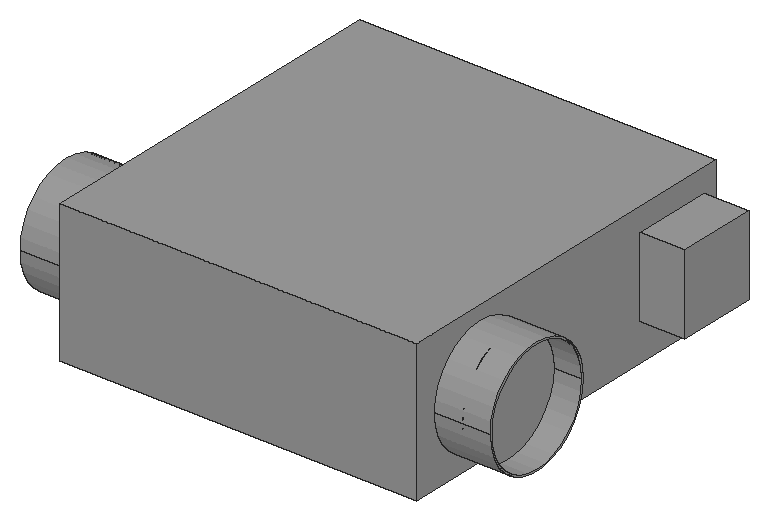
Revit family "BIMLIB_КанальныйВентилятор_SLIM_SHUFT", category Оборудование, Revit 2017
Family settings
  Размер круглого соединителя = Использовать диаметр
  Тип детали = Вставляется
  На основе рабочей плоскости = Нет
  Всегда вертикально = Да
  При загрузке вырезать с полостями = Нет
  Общий = Нет
  Точка расчета площади = Нет
Parameters (values of type "SLIM 100")
  Ширина клеммной коробки = 70 mm
  Повернуть УГО [instance] = no
  Description = ""
  Климатическое исполнение = "У2"  # constant formula
  Изготовитель = "ООО «Завод ВКО» марка SHUFT"  # constant formula
  Глубина клеммной коробки = 70 mm
  r1 = r + 1 mm  # 51 mm
  r = d / 2  # 50 mm
  e = ADSK_Размер_Ширина  # 330 mm
  Watermark [instance] = "Модели защищены уникальным кодом"
  URL = "http://www.shuft.ru/"
  g = 61 mm
  f = 70 mm
  b = ADSK_Размер_Длина  # 314 mm
  c = ADSK_Размер_Высота  # 124 mm
  a = 414 mm
  d = ADSK_Размер_Диаметр  # 100 mm
  IP Двигателя = "IP44"  # constant formula
  BL_Разработано = "support@bimlib.pro"  # constant formula
  BL_Email = "bimmodels@rusklimat.ru"  # constant formula
  BL_BIM library = "https://bimlib.pro/manufacturer/company/23829"
  ADSK_Частота вращения вентилятора = 2380
  ADSK_Ток = 0.26 A
  ADSK_Расход воздуха [instance] = 0.0 L/s
  ADSK_Размер_Ширина = 330 mm
  ADSK_Размер_Длина = 314 mm
  ADSK_Размер_Диаметр = 100 mm
  ADSK_Размер_Высота = 124 mm
  ADSK_Примечание [instance] = ""
  ADSK_Потеря давления воздуха [instance] = 0.0 Pa
  ADSK_Полная мощность = ADSK_Номинальная мощность / ADSK_Коэффициент мощности  # 0.059 kW
  ADSK_Позиция = ""
  ADSK_Обозначение = ""
  ADSK_Номинальная мощность = 0.059 kW
  ADSK_Напряжение = 230 V  # constant formula
  ADSK_Наименование = "Канальный вентилятор SLIM 100"
  ADSK_Материал = BIMLIB_Сталь_SHUFT
  ADSK_Масса = 5
  ADSK_Марка = "SLIM 100"
  ADSK_Коэффициент мощности = 1
  ADSK_Количество фаз = 1  # constant formula
  ADSK_Код изделия = ADSK_Марка  # "SLIM 100"
  ADSK_Классификация нагрузок = Прочее
  ADSK_Завод-изготовитель = "ООО «Завод ВКО» марка SHUFT"  # constant formula
  ADSK_Единица измерения = "шт."  # constant formula
  ADSK_Версия семейства = "v.1"  # constant formula
  ADSK_Версия Revit = "2017"  # constant formula
  ADSK_URL страницы изделия = "http://www.shuft.ru/catalog/"
  ADSK_URL документации изделия = "http://www.shuft.ru/documentation/"
Types (7, lengths in mm): name | Ширина клеммной коробки | Повернуть УГО | Глубина клеммной коробки | r1 | r | e | g | f | b | c | a | d | ADSK_Частота вращения вентилятора | ADSK_Ток | ADSK_Размер_Ширина | ADSK_Размер_Длина | ADSK_Размер_Диаметр | ADSK_Размер_Высота | ADSK_Полная мощность | ADSK_Номинальная мощность | ADSK_Наименование | ADSK_Масса | ADSK_Марка | ADSK_Код изделия
  (no name) | 70 | no | 70 | 51 | 50 | 330 | 61 | 70 | 314 | 124 | 414 | 100 | 2380 | 0.26 A | 330 | 314 | 100 | 124 | 0.059 kW | 0.059 kW | "Канальный вентилятор SLIM 100" | 5 | "SLIM 100" | "SLIM 100"
  SLIM 100 | 70 | no | 70 | 51 | 50 | 330 | 61 | 70 | 314 | 124 | 414 | 100 | 2380 | 0.26 A | 330 | 314 | 100 | 124 | 0.059 kW | 0.059 kW | "Канальный вентилятор SLIM 100" | 5 | "SLIM 100" | "SLIM 100"
  SLIM 125 | 70 | yes | 70 | 63.5 | 62.5 | 330 | 74 | 83 | 314 | 150 | 414 | 125 | 2380 | 0.26 A | 330 | 314 | 125 | 150 | 0.059 kW | 0.059 kW | "Канальный вентилятор SLIM 125" | 5.2 | "SLIM 125" | "SLIM 125"
  SLIM 160 | 70 | yes | 70 | 81 | 80 | 390 | 92 | 101 | 362 | 186 | 462 | 160 | 2500 | 0.37 A | 390 | 362 | 160 | 186 | 0.085 kW | 0.085 kW | "Канальный вентилятор SLIM 160" | 7 | "SLIM 160" | "SLIM 160"
  SLIM 200 | 70 | yes | 70 | 101 | 100 | 390 | 112 | 121 | 372 | 226 | 472 | 200 | 2640 | 0.67 A | 390 | 372 | 200 | 226 | 0.148 kW | 0.148 kW | "Канальный вентилятор SLIM 200" | 8.5 | "SLIM 200" | "SLIM 200"
  SLIM 250 | 85 | yes | 85 | 126 | 125 | 390 | 136 | 145 | 392 | 283 | 492 | 250 | 2440 | 0.67 A | 390 | 392 | 250 | 283 | 0.154 kW | 0.154 kW | "Канальный вентилятор SLIM 250" | 9.7 | "SLIM 250" | "SLIM 250"
  SLIM 315 | 85 | yes | 85 | 158.5 | 157.5 | 444 | 169 | 178 | 427 | 349 | 527 | 315 | 2500 | 0.9 A | 444 | 427 | 315 | 349 | 0.2 kW | 0.2 kW | "Канальный вентилятор SLIM 315" | 13.5 | "SLIM 315" | "SLIM 315"
Reference planes
  plane 1 "По центру (Вперед/Назад)": y = 0
  plane 2: z = 0
  plane 3 "По центру (Влево/Вправо)": x = 0
  plane 4: y = -70
  plane 5: z = -61
  plane 6: y = 95
  plane 7: y = 260
  plane 8: z = 1
  plane 9: z = 63
  plane 10: x = 157
  plane 11: x = -157
  plane 12: x = -207
  plane 13: x = 207
  plane 14: y = 260
  plane 15: y = -70
  plane 16: y = 220
  plane 17: x = 182
  plane 18: x = -182
  plane 19: y = 50
  plane 20: x = 197
  plane 21: z = 43
  plane 22: z = -27
  plane 23: y = 175.41
  plane 24: y = 245.41
Forms (mm)
  Extrusion 1, solid, material "BIMLIB_Сталь_SHUFT" <- "ADSK_Материал", detail levels medium+fine
    sketch origin (0, 0, 0) x (0, 1, 0) y (0, 0, 1)
      loop
        line (-70, 63) -> (-70, -61) -> (260, -61) -> (260, 63) -> (-70, 63)
      loop
        circle (0, 0) r 50
    from -157 to 157
  Extrusion 2, solid, material "BIMLIB_Сталь_SHUFT" <- "ADSK_Материал", detail levels medium+fine
    sketch origin (0, 0, 0) x (0, 1, 0) y (0, 0, 1)
      loop
        circle (0, 0) r 50
      loop
        circle (0, 0) r 51
    from -207 to 207
  Extrusion 3, solid, material "BIMLIB_Сталь_SHUFT" <- "ADSK_Материал", detail levels medium+fine
    sketch origin (0, 0, 30) x (1, 0, 0) y (0, 1, 0)
      loop
        line (197, 245.41) -> (157, 245.41) -> (157, 175.41) -> (197, 175.41) -> (197, 245.41)
    from -57 to 13
  Extrusion 4, solid, material "BIMLIB_Сталь_SHUFT" <- "ADSK_Материал", detail levels medium+fine
    sketch origin (0, 0, 0) x (0, 1, 0) y (0, 0, 1)
      loop
        circle (0, 0) r 50
    from -182 to 182
Dimensions and locks
  "f": plane 4 to plane 1 "По центру (Вперед/Назад)"
  "g": level to plane 5
  "e": plane 4 to plane 7
  equal spacing: plane 4, plane 6, plane 7
  "c": plane 9 to plane 5
  equal spacing: plane 9, plane 8, plane 5
  "b": plane 10 to plane 11
  equal spacing: plane 10, plane 3 "По центру (Влево/Вправо)", plane 11
  "a": plane 13 to plane 12
  equal spacing: plane 13, plane 3 "По центру (Влево/Вправо)", plane 12
  plane 15 to plane 14 = 330 mm
  locked: plane 16 to plane 14 at 40
  equal spacing: plane 15, plane 6, plane 14
  equal spacing: plane 10, plane 17, plane 13
  equal spacing: plane 12, plane 18, plane 11
  nested 1 to plane 10 = 157 mm
  locked: plane 10 to plane 20 at 40
  "Глубина клеммной коробки": plane 21 to plane 22
  "Ширина клеммной коробки": plane 23 to plane 24
  locked: plane 9 to plane 21 at 20
  locked: plane 24 to plane 7 at 14.59
  "r": radius of Extrusion 1 sketch curve
  "r1": radius of Extrusion 2 sketch curve
  "r": radius of Extrusion 2 sketch curve
  "r": radius of Extrusion 4 sketch curve
  aligned and locked: level to plane 2
  aligned and locked: Extrusion 1 sketch curve to plane 9
  aligned and locked: Extrusion 1 sketch curve to plane 4
  aligned and locked: plane 5 to Extrusion 1 sketch curve
  aligned and locked: plane 7 to Extrusion 1 sketch curve
  aligned and locked: Extrusion 1 to plane 11
  aligned and locked: plane 10 to Extrusion 1
  aligned and locked: plane 13 to Extrusion 2
  aligned and locked: Extrusion 2 to plane 12
  aligned and locked: Extrusion 3 to plane 10
  aligned and locked: plane 18 to Extrusion 4
  aligned and locked: plane 17 to Extrusion 4
  aligned and locked: plane 17 to nested 1
  aligned and locked: nested 1 to plane 18
  aligned and locked: level to nested 1
  aligned and locked: plane 20 to Extrusion 3
  aligned and locked: Extrusion 3 to plane 23
  aligned and locked: Extrusion 3 to plane 24  (x2)
  aligned and locked: Extrusion 3 to plane 22
  aligned and locked: plane 21 to Extrusion 3
  aligned and locked: plane 22 to Extrusion 3
  aligned and locked: plane 23 to Extrusion 3
Automatic sketch dimensions
  plane 12 to Extrusion 3 sketch curve = 364 mm
  plane 11 to Extrusion 3 sketch curve = 354 mm
  plane 16 to Extrusion 3 sketch curve = 44.59 mm
  plane 7 to Extrusion 3 sketch curve = 14.59 mm
  Extrusion 1 sketch curve to level = 0 mm
  Extrusion 1 sketch curve to plane 1 "По центру (Вперед/Назад)" = 0 mm
  Extrusion 2 sketch curve to Extrusion 2 sketch curve = 0 mm  (x2)
  Extrusion 2 sketch curve to level = 0 mm
  Extrusion 2 sketch curve to plane 1 "По центру (Вперед/Назад)" = 0 mm
  Extrusion 4 sketch curve to level = 0 mm
  Extrusion 4 sketch curve to plane 1 "По центру (Вперед/Назад)" = 0 mm
Nested families
  nested 1: "BIMLIB_УГО_SHUFT" at (0, 0, 0), УГО сверху <- "Повернуть УГО", Высота <- "ADSK_Размер_Высота", type "BIMLIB_УГО_SHUFT", detail levels coarse
    with Ширина/4 91.25 mm, Ширина 365 mm, УГО спереди yes, УГО сверху no, Длина 364 mm, Высота/4 31 mm, Высота УГО 3д План 126 mm, Высота 124 mm
Connectors
  hvac at (-182, 0, 0), driven by "ADSK_Размер_Диаметр", driven by "ADSK_Расход воздуха", driven by "ADSK_Потеря давления воздуха"
    settings: on Extrusion 4, index 1, duct flow 0.0 L/s, flow factor 0, pres drop 0.0 Pa, loss coef 0, conn angle 0.00°, conn width 304.8 mm, conn height 304.8 mm, conn diameter 100 mm, duct sys type 29, conn prof type 0, flow config 0, flow direction 1, loss method 0, conn ref index 2, conn util no, is conn primary yes, conn desc "Приточный воздух"
  hvac at (182, 0, 0), driven by "ADSK_Размер_Диаметр", driven by "ADSK_Расход воздуха", driven by "ADSK_Потеря давления воздуха"
    settings: on Extrusion 4, index 2, duct flow 0.0 L/s, flow factor 0, pres drop 0.0 Pa, loss coef 0, conn angle 0.00°, conn width 304.8 mm, conn height 304.8 mm, conn diameter 100 mm, duct sys type 29, conn prof type 0, flow config 0, flow direction 2, loss method 0, conn ref index 1, conn util no, is conn primary no, conn desc "Наружный воздух"
  electrical at (197, 210.41, 8), driven by "ADSK_Количество фаз", driven by "ADSK_Напряжение", driven by "ADSK_Номинальная мощность", driven by "ADSK_Классификация нагрузок", driven by "ADSK_Коэффициент мощности"
    settings: on Extrusion 3, index 3, voltage 230 V, apparent load 0.059 kW, apparent load phase1 0 kW, apparent load phase2 0 kW, apparent load phase3 0 kW, power factor 1, load classification "Прочее", number of poles 1, system type 30, power factor state 1, is connector primary yes, connector utility no, sub classification motor no, connector description "Электрический соединитель"
Definition of nested family "BIMLIB_УГО_SHUFT"
  Parameters (values of type "BIMLIB_УГО_SHUFT")
    Ширина/4 [instance] = Ширина / 4  # 105 mm
    Ширина [instance] = 420 mm
    УГО спереди [instance] = not(УГО сверху)  # no
    УГО сверху [instance] = yes
    Высота/4 [instance] = Высота / 4  # 63 mm
    Длина [instance] = 810 mm
    Высота УГО 3д План [instance] = 126 mm
    Высота 1 = 252 mm
    Высота [instance] = 252 mm
  Reference planes
    plane 1 "По центру (Вперед/Назад)": y = 0
    plane 2: z = 0
    plane 3 "По центру (Влево/Вправо)": x = 0
    plane 4: x = -405
    plane 5: x = 405
    plane 6: y = 210
    plane 7: y = -210
    plane 8: z = 126
    plane 9: z = 63
    plane 10: y = 105
    plane 11: y = -105
    plane 12 "УГО": z = 126
    plane 13: z = -63
    plane 14: z = -126
  Lines and regions (mm)
    model lines, visible <- "УГО спереди", detail levels coarse
      curve 1: line (-405, 0, 126) -> (-405, 0, -126)
      curve 2: line (-405, 0, -126) -> (405, 0, -126)
      curve 3: line (405, 0, -126) -> (405, 0, 126)
      curve 4: line (405, 0, 126) -> (-405, 0, 126)
      curve 20: line (-17.124, 0, -46.976) -> (-17.124, 0, 46.976)
      curve 21: line (-17.124, 0, 46.976) -> (50, 0, 0)
      curve 22: circle (0, 0, 0) r 50 normal (0, -1, 0)
      curve 23: line (50, 0, 0) -> (-17.124, 0, -46.976)
    model lines, visible <- "УГО сверху", detail levels coarse
      curve 5: line (-405, 210, 0) -> (-405, -210, 0)
      curve 6: line (-405, -210, 0) -> (405, -210, 0)
      curve 7: line (405, -210, 0) -> (405, 210, 0)
      curve 8: line (405, 210, 0) -> (-405, 210, 0)
      curve 9: line (-38.707, 60.625, 0) -> (71.928, 0, 0)
      curve 10: line (71.928, 0, 0) -> (-38.707, -60.625, 0)
      curve 11: line (-38.707, -60.625, 0) -> (-38.707, 60.625, 0)
      curve 24: circle (0, 0, 0) r 71.928 normal (0, 0, 1)
    symbolic lines, detail levels coarse
      curve 12: line (-405, 0, 126) -> (-405, 0, -126)
      curve 13: line (-405, 0, -126) -> (405, 0, -126)
      curve 14: line (405, 0, -126) -> (405, 0, 126)
      curve 15: line (405, 0, 126) -> (-405, 0, 126)
      curve 16: line (-405, 210, 0) -> (-405, -210, 0)
      curve 17: line (-405, -210, 0) -> (405, -210, 0)
      curve 18: line (405, -210, 0) -> (405, 210, 0)
      curve 19: line (405, 210, 0) -> (-405, 210, 0)
      curve 25: circle (0, 0, 0) r 71.928 normal (0, 0, 1)
      curve 26: line (-38.707, 60.625, 0) -> (-38.707, -60.625, 0)
      curve 27: line (-38.707, -60.625, 0) -> (71.928, 0, 0)
      curve 28: line (71.928, 0, 0) -> (-38.707, 60.625, 0)
      curve 29: circle (0, 0, 0) r 50 normal (0, -1, 0)
      curve 30: line (50, 0, 0) -> (-17.101, 0, 46.985)
      curve 31: line (-17.101, 0, 46.985) -> (-17.101, 0, -46.985)
      curve 32: line (50, 0, 0) -> (-17.101, 0, -46.985)
  Dimensions and locks
    equal spacing: plane 4, plane 3 "По центру (Влево/Вправо)", plane 5
    "Длина": plane 4 to plane 5
    "Ширина": plane 7 to plane 6
    equal spacing: plane 6, plane 10, plane 1 "По центру (Вперед/Назад)", plane 11, plane 7
    "Высота": plane 12 "УГО" to plane 14
    equal spacing: plane 12 "УГО", plane 9, level, plane 13, plane 14
    aligned and locked: level to plane 2
    aligned and locked: plane 8 to curve 15
    aligned and locked: curve 5 to plane 4
    aligned and locked: plane 5 to curve 7
    aligned and locked: plane 14 to curve 13
    aligned and locked: plane 12 "УГО" to curve 15
  Automatic sketch dimensions
    curve 24 to curve 25 = 0 mm  (x2)
    plane 1 "По центру (Вперед/Назад)" to curve 25 = 0 mm
    curve 25 to plane 3 "По центру (Влево/Вправо)" = 0 mm
    plane 1 "По центру (Вперед/Назад)" to curve 28 = 0 mm
    plane 1 "По центру (Вперед/Назад)" to curve 9 = 0 mm
    plane 1 "По центру (Вперед/Назад)" to curve 27 = 0 mm
    plane 7 to curve 16 = 0 mm
    curve 19 to plane 6 = 0 mm
    curve 9 to plane 3 "По центру (Влево/Вправо)" = 38.707 mm
    plane 3 "По центру (Влево/Вправо)" to curve 9 = 71.928 mm
    curve 27 to curve 10 = 0 mm
    curve 28 to curve 9 = 0 mm
    curve 22 to curve 29 = 0 mm  (x2)
    curve 1 to plane 4 = 0 mm
    curve 29 to level = 0 mm
    curve 29 to plane 3 "По центру (Влево/Вправо)" = 0 mm
    curve 21 to level = 0 mm
    curve 32 to level = 0 mm
    curve 15 to plane 5 = 0 mm
    curve 21 to plane 3 "По центру (Влево/Вправо)" = 17.124 mm
    curve 20 to curve 30 = 0.023 mm
    plane 3 "По центру (Влево/Вправо)" to curve 21 = 50 mm
    curve 32 to curve 21 = 0 mm
    radius of curve 25 = 71.928 mm
